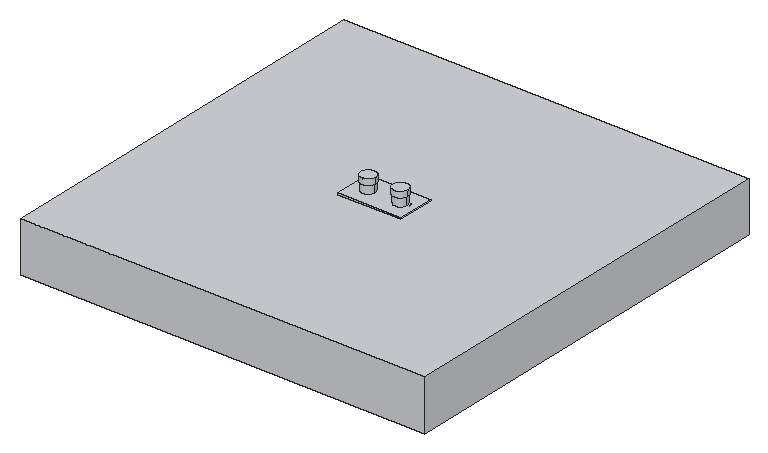
Revit family "M_Conexão de entrada do corpo de bombeiros - 2 vias - Placa nivelada", category Equipamento mecânico, Revit 2019
Family settings
  Hospedeiro = Face
  Cota do conector redondo = Usar raio
  Tipo de parte = Normal
  Número OmniClass = 23.65.70.17.14
  Título OmniClass = Water Fire Fighting Terminals
  ID de item do Seek = Fire Department Inlet Connection - 2 Way - Flush Plate-0000-CAN-ENU
  Corte com vazios quando carregada = Não
  Compartilhado = Não
  Ponto de cálculo do ambiente = Não
Parameters (values of type "65 mmx65 mm")
  Raio nominal = 32.5 mm
  Diâmetro nominal = Raio nominal * 2  # 65 mm
  Material da placa de conexão de entrada = none
  Elevação-padrão = 700 mm
  Assembly Code = ""
Reference planes
  plane 1 "Centro (Frente/Trás)": y = 0
  plane 2: z = 0
  plane 3 "Centro (Esquerda/Direita)": x = 0
  plane 4: x = -96.837
  plane 5: x = 96.838
  plane 6: z = 6.35
  plane 7: z = 12.7
  plane 8: z = 63.5
  plane 9: z = 95.25
  plane 10: y = 114.3
  plane 11: y = -114.3
  plane 12: x = 190.5
  plane 13: x = -190.5
  plane 14: x = -141.287
  plane 15: x = -52.387
  plane 16: x = 141.288
  plane 17: x = 52.388
  plane 18: y = 44.45
  plane 19: y = -44.45
Forms (mm)
  Extrusion 1, solid
    sketch origin (0, 0, 0) x (1, 0, 0) y (0, 1, 0)
      loop
        line (-1219.2, 1219.2) -> (-1219.2, -1219.2) -> (1219.2, -1219.2) -> (1219.2, 1219.2) -> (-1219.2, 1219.2)
    from 0 to -304.8
  Extrusion 2, solid, material <- "Material da placa de conexão de entrada", detail levels fine
    sketch origin (0, 0, 0) x (1, 0, 0) y (0, 1, 0)
      loop
        circle (-96.837, 0) r 50.8
    from 0 to 6.35
  Extrusion 3, solid, material <- "Material da placa de conexão de entrada", detail levels fine
    sketch origin (0, 0, 0) x (1, 0, 0) y (0, 1, 0)
      loop
        circle (96.838, 0) r 50.8
    from 0 to 6.35
  Extrusion 4, solid, material <- "Material da placa de conexão de entrada", detail levels fine
    sketch origin (-1524, -4572, 6.35) x (-1, 0, 0) y (0, -1, 0)
      loop
        line (-1333.5, -4686.3) -> (-1333.5, -4457.7) -> (-1714.5, -4457.7) -> (-1714.5, -4686.3) -> (-1333.5, -4686.3)
    from 0 to 6.35
  Extrusion 5, solid, material <- "Material da placa de conexão de entrada", detail levels fine
    sketch origin (-1524, -4572, 12.7) x (-1, 0, 0) y (0, -1, 0)
      loop
        circle (-1427.163, -4572) r 38.1
    from 0 to 50.8
  Extrusion 6, solid, material <- "Material da placa de conexão de entrada", detail levels fine
    sketch origin (-1524, -4572, 12.7) x (-1, 0, 0) y (0, -1, 0)
      loop
        circle (-1620.838, -4572) r 38.1
    from 0 to 50.8
  Extrusion 7, solid, material <- "Material da placa de conexão de entrada", detail levels fine
    sketch origin (-1524, -4572, 63.5) x (-1, 0, 0) y (0, -1, 0)
      loop
        circle (-1427.163, -4572) r 44.45
    from 0 to 31.75
  Extrusion 8, solid, material <- "Material da placa de conexão de entrada", detail levels fine
    sketch origin (-1524, -4572, 63.5) x (-1, 0, 0) y (0, -1, 0)
      loop
        circle (-1620.838, -4572) r 44.45
    from 0 to 31.75
Cuts and joins
  joined: Extrusion 2, Extrusion 3, Extrusion 5, Extrusion 6, Extrusion 7, Extrusion 8
Lines and regions (mm)
  symbolic lines, detail levels fine
    curve 1: line (-190.5, 0, 12.7) -> (-190.5, 0, 6.35)
    curve 2: line (190.5, 0, 12.7) -> (190.5, 0, 6.35)
    curve 3: line (0, 114.3, 6.35) -> (0, -114.3, 6.35)
    curve 4: line (0, 114.3, 12.7) -> (0, 114.3, 6.35)
    curve 5: line (0, -114.3, 12.7) -> (0, -114.3, 6.35)
  model lines, detail levels coarse+medium
    curve 6: line (190.5, 0, 6.35) -> (-190.5, 0, 6.35)
    curve 7: circle (96.838, 0, 79.375) r 15.875 normal (0, -1, 0)
    curve 8: circle (-96.837, 0, 79.375) r 15.875 normal (0, 1, 0)
    curve 9: line (96.838, 0, 63.5) -> (96.838, 0, 0)
    curve 10: line (-96.837, 0, 63.5) -> (-96.837, 0, 0)
  symbolic lines, detail levels coarse+medium
    curve 11: line (-190.5, 114.3, 0) -> (190.5, 114.3, 0)
    curve 12: line (-190.5, -114.3, 0) -> (-190.5, 114.3, 0)
    curve 13: line (190.5, -114.3, 0) -> (-190.5, -114.3, 0)
    curve 14: line (190.5, 114.3, 0) -> (190.5, -114.3, 0)
    curve 15: circle (-96.837, 0, 0) r 44.5 normal (0, 0, 1)
    curve 16: circle (96.838, 0, 0) r 44.5 normal (0, 0, 1)
  symbolic lines
    curve 17: circle (96.838, 0, 79.375) r 15.875 normal (1, 0, 0)
Dimensions and locks
  locked: plane 4 to plane 3 "Centro (Esquerda/Direita)" at 96.838
  locked: plane 3 "Centro (Esquerda/Direita)" to plane 5 at 96.837
  plane 6 to plane 2 = 6.35 mm
  plane 7 to plane 6 = 6.35 mm
  plane 8 to plane 7 = 50.8 mm
  plane 9 to plane 8 = 31.75 mm
  plane 3 "Centro (Esquerda/Direita)" to plane 12 = 190.5 mm
  plane 13 to plane 3 "Centro (Esquerda/Direita)" = 190.5 mm
  plane 10 to plane 1 "Centro (Frente/Trás)" = 114.3 mm
  plane 1 "Centro (Frente/Trás)" to plane 11 = 114.3 mm
  plane 15 to plane 4 to plane 14 = 44.45 mm, 44.45 mm
  plane 16 to plane 5 to plane 17 = 44.45 mm, 44.45 mm
  plane 18 to plane 1 "Centro (Frente/Trás)" = 44.45 mm
  plane 1 "Centro (Frente/Trás)" to plane 19 = 44.45 mm
  radius of Extrusion 2 sketch curve = 50.8 mm
  radius of Extrusion 3 sketch curve = 50.8 mm
  radius of Extrusion 5 sketch curve = 38.1 mm
  radius of Extrusion 6 sketch curve = 38.1 mm
  radius of Extrusion 7 sketch curve = 44.45 mm
  radius of Extrusion 8 sketch curve = 44.45 mm
  radius of curve 15 = 44.5 mm
  radius of curve 16 = 44.5 mm
  radius of curve 17 = 15.875 mm
  aligned and locked: plane 2 to Extrusion 1
  aligned and locked: level to Extrusion 1
  aligned and locked: plane 6 to Extrusion 2
  aligned and locked: Extrusion 2 to level
  aligned and locked: Extrusion 3 to level
  aligned and locked: Extrusion 3 to Extrusion 2
  aligned and locked: plane 7 to Extrusion 4
  aligned and locked: plane 8 to Extrusion 5
  aligned and locked: plane 9 to Extrusion 7
  aligned and locked: Extrusion 8 to Extrusion 7
  aligned and locked: plane 9 to cut or joined group of Extrusion 2, Extrusion 3, Extrusion 5, Extrusion 6, Extrusion 7, Extrusion 8  (x2)
  aligned and locked: Extrusion 4 to plane 13
  aligned and locked: plane 12 to Extrusion 4
  aligned and locked: Extrusion 4 to plane 6
  aligned and locked: plane 10 to Extrusion 4
  aligned and locked: Extrusion 4 to plane 11
  aligned and locked: plane 6 to Extrusion 4
  aligned and locked: curve 11 to plane 10
  aligned and locked: plane 13 to curve 12
  aligned and locked: curve 14 to plane 12
  aligned and locked: plane 11 to curve 13
  aligned and locked: plane 4 to curve 15
  aligned and locked: plane 1 "Centro (Frente/Trás)" to curve 15
  aligned and locked: plane 1 "Centro (Frente/Trás)" to curve 16
  aligned and locked: plane 5 to curve 16
  aligned and locked: plane 1 "Centro (Frente/Trás)" to curve 17
Connectors
  piping at (-96.837, 0, 0), diameter 65, driven by "Raio nominal"
    settings: on cut or joined group of Extrusion 2, Extrusion 3, Extrusion 5, Extrusion 6, Extrusion 7, Extrusion 8, index 1, connector inside diameter 65 mm, connector length 0 mm, flow factor 0, pipe flow 0.0 L/s, pressure drop 0.0 Pa, fitting loss kfactor 0, connector angle 0.00°, fixture units 0, engagement length 0 mm, angle of deflection 0.00°, flow configuration 1, flow direction 2, fitting loss method 0, system type 29, joint type 0, gender type 0, connector reference index -1, connector utility 0, adjustable connector no, is connector primary yes, connector description "Saída"
  piping at (96.838, 0, 0), diameter 65, driven by "Raio nominal"
    settings: on cut or joined group of Extrusion 2, Extrusion 3, Extrusion 5, Extrusion 6, Extrusion 7, Extrusion 8, index 2, connector inside diameter 65 mm, connector length 0 mm, flow factor 0, pipe flow 0.0 L/s, pressure drop 0.0 Pa, fitting loss kfactor 0, connector angle 0.00°, fixture units 0, engagement length 0 mm, angle of deflection 0.00°, flow configuration 1, flow direction 2, fitting loss method 0, system type 29, joint type 0, gender type 0, connector reference index -1, connector utility 0, adjustable connector no, is connector primary no, connector description "Saída"
